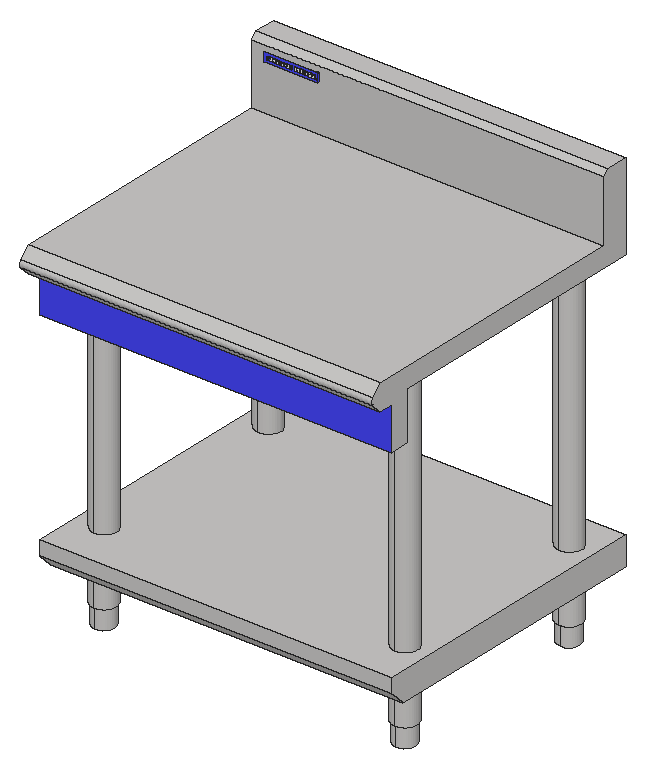
Revit family "QF_MOFFAT_BLUESEAL_CE_B90-LS", category Specialty Equipment, Revit 2012
Parameters
  Weight in Pounds = 154  # constant formula
  Width [instance] = 900.00 mm  # constant formula
  URL Cutsheet = "www.moffat.com"
  URL = "www.moffat.com"
  Type Mark [instance] = ""
  Status [instance] = ""
  Specification by User [instance] = ""
  Specification by Manufacturer = ""
  Show Logo [instance] = yes
  Show Casters [instance] = no
  Serial Number = ""
  Seismic Rating = ""
  SMACNA No = ""
  Revision Code [instance] = ""
  Omniclass Number and Title = ""
  NAFEM Spec ID Number = ""
  Model = "B90-LS"
  Masterspec = ""
  Manufacturer = "MOFFAT BLUESEAL"
  Legs [instance] = not(Show Casters)  # yes
  Item Number [instance] = ""
  Installed By [instance] = ""
  Identify Quantity as Lot [instance] = yes
  Height = 1085.00 mm  # constant formula
  Furnished By [instance] = ""
  Foodservice Equipment Identifier [instance] = yes
  Description = "900MM BENCH TOP ON LEG STAND"
  Depth [instance] = 812.00 mm  # constant formula
  CSI MasterFormat = ""
  CSI Master Format = ""
  Back Splash [instance] = 57.00 mm  # constant formula
Reference planes
  plane 1 "BACK": y = 0
  plane 2: z = 0
  plane 3 "LEFT": x = 0
  plane 4 "RIGHT": x = 900
  plane 5 "FRONT": y = -812
  plane 6 "TOP": z = 972
  plane 7 "Center Y": x = 450
  plane 8 "Center X": y = -406
  plane 9 "Base Height": z = 150
  plane 10: z = 915
  plane 11: x = 65
  plane 12: y = -625
  plane 13: y = -100
  plane 14: z = 1085
  plane 15: x = 835
Forms (mm)
  Extrusion 1, solid, material "QF_Finishes_Stainless Steel"
    sketch origin (0, 0, 0) x (0, 1, 0) y (0, 0, 1)
      loop
        line (-70, 1072.5) -> (-70, 915) -> (-783.97, 915) -> (-808.485, 890.485)
        arc (-808.485, 890.485) -> (-811.999, 882) -> (-808.485, 873.515) r 12
        line (-808.485, 873.515) -> (-784.97, 850) -> (-749, 850) -> (-749, 740) -> (-699, 740) -> (-699, 864.5) -> (0, 864.5) -> (0, 1085.5) -> (-57, 1085.5) -> (-70, 1072.5)
      loop
        line (0, 222.5) -> (-749, 222.5) -> (-749, 186) -> (-713, 150) -> (0, 150) -> (0, 222.5)
    from 0 to 900
  Revolve 2, solid, material "QF_Finishes_Stainless Steel"
    sketch origin (65, -728, 0) x (0, 1, 0) y (0, 0, 1)
      loop
        line (71.25, 864.5) -> (71.25, 50) -> (75.5, 50) -> (75.5, 0) -> (103, 0) -> (103, 864.5) -> (71.25, 864.5)
      axis (103, 864.5) -> (103, 0)
    angle from 0 to 360
  Revolve 3, solid, material "QF_Finishes_Stainless Steel", visible <- "Show Casters"
    sketch origin (15.776, -99.755, -13.653) x (1, 0, 0) y (0, 0, 1)
      loop
        line (14.841, 63.604) -> (83.584, 63.604) -> (83.584, 67.109) -> (82.314, 68.379) -> (80.79, 68.379) -> (80.79, 71.826) -> (68.644, 71.826) -> (68.644, 81.79) -> (65.088, 83.843) -> (63.738, 92.179) -> (65.881, 92.179) -> (65.881, 98.529) -> (65.088, 98.529) -> (65.088, 104.879)
        arc (65.088, 104.879) -> (62.298, 111.614) -> (55.563, 114.404) r 9.525
        line (55.563, 114.404) -> (42.863, 114.404)
        arc (42.863, 114.404) -> (36.127, 111.614) -> (33.338, 104.879) r 9.525
        line (33.338, 104.879) -> (33.338, 98.529) -> (32.544, 98.529) -> (32.544, 92.179) -> (34.687, 92.179) -> (33.352, 83.932) -> (29.782, 81.871) -> (29.782, 71.826) -> (17.635, 71.826) -> (17.635, 68.379) -> (16.111, 68.379) -> (14.841, 67.109) -> (14.841, 63.604)
      axis (14.841, 63.604) -> (83.584, 63.604)
    angle from 0 to 360
  Extrusion 4, solid, material "QF_Finishes_Stainless Steel", visible <- "Show Casters"
    sketch origin (71.501, 133.353, -8.783) x (0, 1, 0) y (0, 0, 1)
      loop
        line (-201.603, 118.783) -> (-265.103, 118.783) -> (-252.746, 53.895)
        arc (-252.746, 53.895) -> (-233.353, 38.783) -> (-213.959, 53.895) r 20
        line (-213.959, 53.895) -> (-201.603, 118.783)
    from -35.667 to 22.923
  Revolve 5, solid, material "QF_Finishes_Stainless Steel", visible <- "Show Casters"
    sketch origin (65, -203, 0) x (0, 1, 0) y (0, 0, 1)
      loop
        line (67.25, 150) -> (67.25, 110) -> (103, 110) -> (103, 150) -> (67.25, 150)
      axis (103, 150) -> (103, 110)
    angle from 0 to 360
  Revolve 6, solid, material "QF_Finishes_Stainless Steel", visible <- "Legs"
    sketch origin (65, -165, 0) x (0, 1, 0) y (0, 0, 1)
      loop
        line (33.25, 150) -> (33.25, 50) -> (37.5, 50) -> (37.5, 0) -> (65, 0) -> (65, 150) -> (33.25, 150)
      axis (65, 150) -> (65, 0)
    angle from 0 to 360
  Revolve 7, solid, material "QF_Finishes_Stainless Steel"
    sketch origin (65, -203, 150) x (0, 1, 0) y (0, 0, 1)
      loop
        line (71.25, 714.5) -> (71.25, 50) -> (75.5, 50) -> (75.5, 0) -> (103, 0) -> (103, 714.5) -> (71.25, 714.5)
      axis (103, 714.5) -> (103, 0)
    angle from 0 to 360
  Revolve 8, solid, material "QF_Finishes_Stainless Steel"
    sketch origin (835, -728, 0) x (0, 1, 0) y (0, 0, 1)
      loop
        line (71.25, 864.5) -> (71.25, 50) -> (75.5, 50) -> (75.5, 0) -> (103, 0) -> (103, 864.5) -> (71.25, 864.5)
      axis (103, 864.5) -> (103, 0)
    angle from 0 to 360
  Revolve 9, solid, material "QF_Finishes_Stainless Steel", visible <- "Show Casters"
    sketch origin (785.776, -99.755, -13.653) x (1, 0, 0) y (0, 0, 1)
      loop
        line (14.841, 63.604) -> (83.584, 63.604) -> (83.584, 67.109) -> (82.314, 68.379) -> (80.79, 68.379) -> (80.79, 71.826) -> (68.644, 71.826) -> (68.644, 81.79) -> (65.088, 83.843) -> (63.738, 92.179) -> (65.881, 92.179) -> (65.881, 98.529) -> (65.088, 98.529) -> (65.088, 104.879)
        arc (65.088, 104.879) -> (62.298, 111.614) -> (55.563, 114.404) r 9.525
        line (55.563, 114.404) -> (42.863, 114.404)
        arc (42.863, 114.404) -> (36.127, 111.614) -> (33.338, 104.879) r 9.525
        line (33.338, 104.879) -> (33.338, 98.529) -> (32.544, 98.529) -> (32.544, 92.179) -> (34.687, 92.179) -> (33.352, 83.932) -> (29.782, 81.871) -> (29.782, 71.826) -> (17.635, 71.826) -> (17.635, 68.379) -> (16.111, 68.379) -> (14.841, 67.109) -> (14.841, 63.604)
      axis (14.841, 63.604) -> (83.584, 63.604)
    angle from 0 to 360
  Extrusion 10, solid, material "QF_Finishes_Stainless Steel", visible <- "Show Casters"
    sketch origin (841.501, 133.353, -8.783) x (0, 1, 0) y (0, 0, 1)
      loop
        line (-201.603, 118.783) -> (-265.103, 118.783) -> (-252.746, 53.895)
        arc (-252.746, 53.895) -> (-233.353, 38.783) -> (-213.959, 53.895) r 20
        line (-213.959, 53.895) -> (-201.603, 118.783)
    from -35.667 to 22.923
  Revolve 11, solid, material "QF_Finishes_Stainless Steel", visible <- "Show Casters"
    sketch origin (835, -203, 0) x (0, 1, 0) y (0, 0, 1)
      loop
        line (67.25, 150) -> (67.25, 110) -> (103, 110) -> (103, 150) -> (67.25, 150)
      axis (103, 150) -> (103, 110)
    angle from 0 to 360
  Revolve 12, solid, material "QF_Finishes_Stainless Steel", visible <- "Legs"
    sketch origin (835, -165, 0) x (0, 1, 0) y (0, 0, 1)
      loop
        line (33.25, 150) -> (33.25, 50) -> (37.5, 50) -> (37.5, 0) -> (65, 0) -> (65, 150) -> (33.25, 150)
      axis (65, 150) -> (65, 0)
    angle from 0 to 360
  Revolve 13, solid, material "QF_Finishes_Stainless Steel"
    sketch origin (835, -203, 150) x (0, 1, 0) y (0, 0, 1)
      loop
        line (71.25, 714.5) -> (71.25, 50) -> (75.5, 50) -> (75.5, 0) -> (103, 0) -> (103, 714.5) -> (71.25, 714.5)
      axis (103, 714.5) -> (103, 0)
    angle from 0 to 360
Lines and regions (mm)
  Split face 1
    outline origin (375, 0, 1085.5) x (-1, 0, 0) y (0, -1, 0)
      loop
        arc (342.206, 18.385) -> (350.866, 23.385) -> (350.866, 33.385) r 10
        line (350.866, 33.385) -> (346.824, 40.385)
        arc (346.824, 40.385) -> (343.164, 44.045) -> (338.164, 45.385) r 10
        line (338.164, 45.385) -> (110.206, 45.385)
        arc (110.206, 45.385) -> (101.545, 40.385) -> (101.545, 30.385) r 10
        line (101.545, 30.385) -> (105.587, 23.385)
        arc (105.587, 23.385) -> (109.247, 19.725) -> (114.247, 18.385) r 10
        line (114.247, 18.385) -> (342.206, 18.385)
  Split face 2
    outline origin (904.484, 0, 1085.5) x (-1, 0, 0) y (0, -1, 0)
      loop
        arc (271.69, 18.385) -> (280.35, 23.385) -> (280.35, 33.385) r 10
        line (280.35, 33.385) -> (276.309, 40.385)
        arc (276.309, 40.385) -> (272.649, 44.045) -> (267.649, 45.385) r 10
        line (267.649, 45.385) -> (39.69, 45.385)
        arc (39.69, 45.385) -> (31.03, 40.385) -> (31.03, 30.385) r 10
        line (31.03, 30.385) -> (35.071, 23.385)
        arc (35.071, 23.385) -> (38.731, 19.725) -> (43.731, 18.385) r 10
        line (43.731, 18.385) -> (271.69, 18.385)
  Split face 3
    outline origin (604.484, 0, 1085.5) x (-1, 0, 0) y (0, -1, 0)
      loop
        arc (271.69, 18.385) -> (280.35, 23.385) -> (280.35, 33.385) r 10
        line (280.35, 33.385) -> (276.309, 40.385)
        arc (276.309, 40.385) -> (272.649, 44.045) -> (267.649, 45.385) r 10
        line (267.649, 45.385) -> (39.69, 45.385)
        arc (39.69, 45.385) -> (31.03, 40.385) -> (31.03, 30.385) r 10
        line (31.03, 30.385) -> (35.071, 23.385)
        arc (35.071, 23.385) -> (38.731, 19.725) -> (43.731, 18.385) r 10
        line (43.731, 18.385) -> (271.69, 18.385)
  symbolic lines
    curve 1: line (0, 0, 0) -> (0, -812, 0)
    curve 2: line (900, 0, 0) -> (0, 0, 0)
    curve 3: line (900, -812, 0) -> (900, 0, 0)
    curve 4: line (0, -70, 0) -> (900, -70, 0)
    curve 5: line (0, -812, 0) -> (900, -812, 0)
    curve 14: line (36.836, -45.385, 0) -> (264.794, -45.385, 0)
    curve 15: arc (264.794, -45.385, 0) -> (273.455, -40.385, 0) -> (273.455, -30.385, 0) r 10
    curve 16: line (273.455, -30.385, 0) -> (269.413, -23.385, 0)
    curve 17: arc (269.413, -23.385, 0) -> (265.753, -19.725, 0) -> (260.753, -18.385, 0) r 10
    curve 18: line (260.753, -18.385, 0) -> (32.794, -18.385, 0)
    curve 19: arc (32.794, -18.385, 0) -> (24.134, -23.385, 0) -> (24.134, -33.385, 0) r 10
    curve 20: line (24.134, -33.385, 0) -> (28.176, -40.385, 0)
    curve 21: arc (28.176, -40.385, 0) -> (31.836, -44.045, 0) -> (36.836, -45.385, 0) r 10
    curve 22: line (636.836, -45.385, 0) -> (864.794, -45.385, 0)
    curve 23: arc (864.794, -45.385, 0) -> (873.455, -40.385, 0) -> (873.455, -30.385, 0) r 10
    curve 24: line (873.455, -30.385, 0) -> (869.413, -23.385, 0)
    curve 25: arc (869.413, -23.385, 0) -> (865.753, -19.725, 0) -> (860.753, -18.385, 0) r 10
    curve 26: line (860.753, -18.385, 0) -> (632.794, -18.385, 0)
    curve 27: arc (632.794, -18.385, 0) -> (624.134, -23.385, 0) -> (624.134, -33.385, 0) r 10
    curve 28: line (624.134, -33.385, 0) -> (628.176, -40.385, 0)
    curve 29: arc (628.176, -40.385, 0) -> (631.836, -44.045, 0) -> (636.836, -45.385, 0) r 10
    curve 30: line (336.836, -45.385, 0) -> (564.794, -45.385, 0)
    curve 31: arc (564.794, -45.385, 0) -> (573.455, -40.385, 0) -> (573.455, -30.385, 0) r 10
    curve 32: line (573.455, -30.385, 0) -> (569.413, -23.385, 0)
    curve 33: arc (569.413, -23.385, 0) -> (565.753, -19.725, 0) -> (560.753, -18.385, 0) r 10
    curve 34: line (560.753, -18.385, 0) -> (332.794, -18.385, 0)
    curve 35: arc (332.794, -18.385, 0) -> (324.134, -23.385, 0) -> (324.134, -33.385, 0) r 10
    curve 36: line (324.134, -33.385, 0) -> (328.176, -40.385, 0)
    curve 37: arc (328.176, -40.385, 0) -> (331.836, -44.045, 0) -> (336.836, -45.385, 0) r 10
  symbolic lines, style "SpecialityEquipmentHiddenLines", visible <- "Show Casters"
    curve 6: line (78.456, -47.735, 0) -> (105.952, -63.61, 0)
    curve 7: line (27.656, -135.723, 0) -> (78.456, -47.735, 0)
    curve 8: line (55.152, -151.598, 0) -> (27.656, -135.723, 0)
    curve 9: line (105.952, -63.61, 0) -> (55.152, -151.598, 0)
    curve 10: line (840.793, -47.151, 0) -> (868.289, -63.026, 0)
    curve 11: line (789.993, -135.139, 0) -> (840.793, -47.151, 0)
    curve 12: line (817.489, -151.014, 0) -> (789.993, -135.139, 0)
    curve 13: line (868.289, -63.026, 0) -> (817.489, -151.014, 0)
Dimensions and locks
  equal spacing: plane 3 "LEFT", plane 7 "Center Y", plane 4 "RIGHT"
  "Width": plane 3 "LEFT" to plane 4 "RIGHT"
  equal spacing: plane 5 "FRONT", plane 8 "Center X", plane 1 "BACK"
  "Depth": plane 5 "FRONT" to plane 1 "BACK"
  locked: plane 10 to level at 915
  locked: plane 9 "Base Height" to level at 150
  plane 6 "TOP" to plane 10 = 57.00 mm
  plane 12 to plane 13 = 525.00 mm
  "Height": plane 14 to level
  Revolve 3 sketch curve to Revolve 3 sketch curve = 50.80 mm
  Revolve 9 sketch curve to Revolve 9 sketch curve = 50.80 mm
  aligned and locked: level to plane 2
Automatic sketch dimensions
  plane 1 "BACK" to curve 1 = 0.00 mm
  curve 1 to plane 3 "LEFT" = 0.00 mm
  curve 4 to plane 4 "RIGHT" = 0.00 mm
  plane 5 "FRONT" to curve 3 = 0.00 mm
  plane 3 "LEFT" to curve 20 = 24.134 mm
  plane 3 "LEFT" to curve 8 = 27.656 mm
  curve 19 to curve 20 = 4.041 mm
  curve 19 to curve 19 = 8.66 mm
  curve 19 to curve 21 = 4.041 mm
  curve 8 to plane 11 = 9.848 mm
  plane 11 to curve 7 = 13.456 mm
  plane 1 "BACK" to curve 17 = 18.385 mm
  curve 6 to curve 17 = 154.801 mm
  curve 17 to curve 15 = 4.041 mm
  plane 1 "BACK" to curve 16 = 23.385 mm
  curve 17 to curve 16 = 8.66 mm
  plane 1 "BACK" to curve 16 = 30.385 mm
  curve 16 to curve 16 = 4.041 mm
  curve 16 to curve 35 = 50.679 mm
  curve 35 to curve 37 = 4.041 mm  (x2)
  curve 35 to curve 35 = 8.66 mm
  plane 1 "BACK" to curve 34 = 18.385 mm
  plane 7 "Center Y" to curve 34 = 110.753 mm
  curve 33 to curve 31 = 4.041 mm
  plane 1 "BACK" to curve 32 = 23.385 mm
  curve 33 to curve 32 = 8.66 mm
  plane 1 "BACK" to curve 32 = 30.385 mm
  curve 33 to curve 32 = 4.041 mm
  curve 32 to curve 27 = 50.679 mm
  curve 27 to curve 29 = 4.041 mm
  curve 27 to curve 27 = 8.66 mm
  curve 29 to curve 22 = 8.66 mm
  plane 15 to curve 11 = 45.007 mm
  plane 15 to curve 13 = 17.511 mm
  curve 10 to plane 15 = 5.793 mm
  curve 25 to plane 15 = 25.753 mm
  curve 25 to curve 22 = 4.041 mm
  curve 25 to curve 25 = 8.66 mm
  curve 25 to curve 24 = 4.041 mm
  curve 9 to plane 13 = 51.598 mm
  curve 13 to plane 13 = 51.014 mm
  curve 8 to curve 8 = 15.875 mm
  curve 12 to curve 12 = 15.875 mm
  plane 13 to curve 4 = 30.00 mm
  curve 37 to curve 34 = 27.00 mm
  plane 1 "BACK" to curve 22 = 45.385 mm
  curve 14 to curve 18 = 27.00 mm
  curve 14 to curve 20 = 5.00 mm
  curve 22 to curve 29 = 5.00 mm
  curve 30 to curve 37 = 5.00 mm
  curve 22 to curve 23 = 10.00 mm
  curve 21 to curve 19 = 7.00 mm
  curve 36 to curve 36 = 7.00 mm
  curve 28 to curve 28 = 7.00 mm
  curve 23 to curve 25 = 7.00 mm
  curve 29 to curve 27 = 7.00 mm
  Extrusion 1 sketch curve to plane 10 = 0.00 mm
  Extrusion 1 sketch curve to plane 9 "Base Height" = 0.00 mm
  Extrusion 1 sketch curve to plane 1 "BACK" = 0.00 mm  (x2)
  plane 14 to Extrusion 1 sketch curve = 0.50 mm
  plane 13 to Extrusion 1 sketch curve = 43.00 mm
  Extrusion 1 sketch curve to Extrusion 1 sketch curve = 13.00 mm
  Extrusion 1 sketch curve to plane 12 = 74.00 mm
  Extrusion 1 sketch curve to plane 12 = 88.00 mm
  Extrusion 1 sketch curve to Extrusion 1 sketch curve = 50.00 mm
  Extrusion 1 sketch curve to Extrusion 1 sketch curve = 36.00 mm
  Extrusion 1 sketch curve to plane 5 "FRONT" = 28.03 mm
  Extrusion 1 sketch curve to plane 5 "FRONT" = 27.03 mm
  Extrusion 1 sketch curve to plane 5 "FRONT" = 12.001 mm
  Extrusion 1 sketch curve to plane 5 "FRONT" = 3.515 mm  (x2)
  plane 9 "Base Height" to Extrusion 1 sketch curve = 36.00 mm
  Extrusion 1 sketch curve to Extrusion 1 sketch curve = 36.50 mm
  Extrusion 1 sketch curve to plane 10 = 175.00 mm
  Extrusion 1 sketch curve to plane 10 = 65.00 mm
  Extrusion 1 sketch curve to plane 10 = 50.50 mm
  Extrusion 1 sketch curve to Extrusion 1 sketch curve = 23.515 mm
  Extrusion 1 sketch curve to Extrusion 1 sketch curve = 8.485 mm
  Extrusion 1 sketch curve to plane 14 = 12.50 mm
  Split face 1 sketch curve to Extrusion 1 = 26.615 mm
  Split face 1 sketch curve to Extrusion 1 = 273.455 mm
  Split face 1 sketch curve to Split face 1 sketch curve = 4.041 mm  (x4)
  Split face 1 sketch curve to Split face 1 sketch curve = 8.66 mm  (x2)
  Split face 1 sketch curve to Extrusion 1 = 11.615 mm
  Split face 1 sketch curve to Extrusion 1 = 36.836 mm
  Split face 1 sketch curve to Split face 1 sketch curve = 7.00 mm  (x3)
  Split face 1 sketch curve to Split face 1 sketch curve = 17.00 mm
  Split face 2 sketch curve to Extrusion 1 = 26.545 mm
  Split face 2 sketch curve to Split face 2 sketch curve = 4.041 mm  (x4)
  Split face 2 sketch curve to Split face 2 sketch curve = 8.66 mm  (x2)
  Split face 2 sketch curve to Extrusion 1 = 11.615 mm
  Split face 2 sketch curve to Split face 2 sketch curve = 223.917 mm
  Split face 2 sketch curve to Split face 2 sketch curve = 5.00 mm
  Split face 2 sketch curve to Split face 2 sketch curve = 10.00 mm
  Split face 2 sketch curve to Split face 2 sketch curve = 7.00 mm  (x3)
  Split face 3 sketch curve to Extrusion 1 = 26.615 mm
  Split face 3 sketch curve to Extrusion 1 = 326.545 mm
  Split face 3 sketch curve to Split face 3 sketch curve = 4.041 mm  (x4)
  Split face 3 sketch curve to Split face 3 sketch curve = 8.66 mm  (x2)
  Split face 3 sketch curve to Extrusion 1 = 11.615 mm
  Split face 3 sketch curve to Split face 3 sketch curve = 223.917 mm
  Split face 3 sketch curve to Split face 3 sketch curve = 7.00 mm  (x3)
  Split face 3 sketch curve to Split face 3 sketch curve = 17.00 mm
  Revolve 2 sketch curve to level = 0.00 mm
  Revolve 2 sketch curve to plane 12 = 0.00 mm  (x2)
  Revolve 2 sketch curve to plane 12 = 27.50 mm
  Revolve 2 sketch curve to Revolve 2 sketch curve = 31.75 mm
  Revolve 2 sketch curve to Revolve 2 sketch curve = 55.00 mm
  level to Revolve 2 sketch curve = 50.00 mm
  Revolve 2 sketch curve to Revolve 2 sketch curve = 0.00 mm
  Revolve 2 sketch curve to plane 10 = 50.50 mm
  plane 3 "LEFT" to Revolve 3 sketch curve = 30.618 mm
  Revolve 3 sketch curve to Revolve 3 sketch curve = 1.27 mm  (x4)
  Revolve 3 sketch curve to Revolve 3 sketch curve = 1.524 mm  (x2)
  Revolve 3 sketch curve to Revolve 3 sketch curve = 12.146 mm  (x2)
  Revolve 3 sketch curve to plane 11 = 16.68 mm
  Revolve 3 sketch curve to Revolve 3 sketch curve = 0.794 mm  (x2)
  Revolve 3 sketch curve to Revolve 3 sketch curve = 3.57 mm
  Revolve 3 sketch curve to Revolve 3 sketch curve = 2.143 mm
  Revolve 3 sketch curve to plane 11 = 6.361 mm
  plane 11 to Revolve 3 sketch curve = 5.13 mm
  plane 11 to Revolve 3 sketch curve = 6.339 mm
  plane 11 to Revolve 3 sketch curve = 14.515 mm
  Revolve 3 sketch curve to Revolve 3 sketch curve = 1.349 mm  (x2)
  Revolve 3 sketch curve to Revolve 3 sketch curve = 3.556 mm
  Revolve 3 sketch curve to Revolve 3 sketch curve = 33.32 mm
  level to Revolve 3 sketch curve = 49.952 mm
  Revolve 3 sketch curve to Revolve 3 sketch curve = 0.00 mm
  Revolve 3 sketch curve to Revolve 3 sketch curve = 3.505 mm  (x2)
  Revolve 3 sketch curve to Revolve 3 sketch curve = 3.447 mm  (x2)
  Revolve 3 sketch curve to Revolve 3 sketch curve = 9.964 mm
  Revolve 3 sketch curve to Revolve 3 sketch curve = 10.045 mm
  Revolve 3 sketch curve to Revolve 3 sketch curve = 2.053 mm
  Revolve 3 sketch curve to Revolve 3 sketch curve = 2.061 mm
  Revolve 3 sketch curve to Revolve 3 sketch curve = 8.247 mm
  Revolve 3 sketch curve to Revolve 3 sketch curve = 8.336 mm
  Revolve 3 sketch curve to Revolve 3 sketch curve = 6.35 mm  (x2)
  Extrusion 4 sketch curve to plane 13 = 0.00 mm
  Extrusion 4 sketch curve to plane 13 = 19.393 mm
  Extrusion 4 sketch curve to plane 13 = 31.75 mm
  plane 13 to Extrusion 4 sketch curve = 19.393 mm
  plane 13 to Extrusion 4 sketch curve = 31.75 mm
  level to Extrusion 4 sketch curve = 45.111 mm
  Extrusion 4 sketch curve to Extrusion 4 sketch curve = 4.889 mm
  Extrusion 4 sketch curve to plane 9 "Base Height" = 40.00 mm
  Revolve 5 sketch curve to plane 9 "Base Height" = 0.00 mm
  Revolve 5 sketch curve to plane 13 = 0.00 mm  (x2)
  Revolve 5 sketch curve to plane 13 = 35.75 mm
  Revolve 5 sketch curve to Revolve 5 sketch curve = 40.00 mm
  level to Revolve 5 sketch curve = 50.00 mm
  Revolve 5 sketch curve to level = 55.00 mm
  Revolve 6 sketch curve to plane 9 "Base Height" = 0.00 mm
  Revolve 6 sketch curve to level = 0.00 mm
  Revolve 6 sketch curve to plane 13 = 0.00 mm  (x2)
  Revolve 6 sketch curve to Revolve 6 sketch curve = 27.50 mm
  Revolve 6 sketch curve to Revolve 6 sketch curve = 31.75 mm
  Revolve 6 sketch curve to level = 55.00 mm
  Revolve 6 sketch curve to Revolve 6 sketch curve = 50.00 mm
  Revolve 6 sketch curve to Revolve 6 sketch curve = 0.00 mm
  Revolve 7 sketch curve to plane 9 "Base Height" = 0.00 mm
  Revolve 7 sketch curve to plane 13 = 0.00 mm  (x2)
  Revolve 7 sketch curve to plane 13 = 27.50 mm
  Revolve 7 sketch curve to Revolve 7 sketch curve = 31.75 mm
  Revolve 7 sketch curve to Revolve 7 sketch curve = 55.00 mm
  plane 9 "Base Height" to Revolve 7 sketch curve = 50.00 mm
  Revolve 7 sketch curve to Revolve 7 sketch curve = 0.00 mm
  Revolve 7 sketch curve to plane 10 = 50.50 mm
  Revolve 8 sketch curve to level = 0.00 mm
  Revolve 8 sketch curve to plane 12 = 0.00 mm  (x2)
  Revolve 8 sketch curve to plane 12 = 27.50 mm
  Revolve 8 sketch curve to Revolve 8 sketch curve = 31.75 mm
  Revolve 8 sketch curve to Revolve 8 sketch curve = 55.00 mm
  level to Revolve 8 sketch curve = 50.00 mm
  Revolve 8 sketch curve to Revolve 8 sketch curve = 0.00 mm
  Revolve 8 sketch curve to plane 10 = 50.50 mm
  plane 15 to Revolve 9 sketch curve = 34.382 mm
  Revolve 9 sketch curve to Revolve 9 sketch curve = 1.27 mm  (x4)
  Revolve 9 sketch curve to Revolve 9 sketch curve = 1.524 mm  (x2)
  Revolve 9 sketch curve to Revolve 9 sketch curve = 12.146 mm  (x2)
  plane 15 to Revolve 9 sketch curve = 16.68 mm
  Revolve 9 sketch curve to Revolve 9 sketch curve = 0.794 mm  (x2)
  Revolve 9 sketch curve to Revolve 9 sketch curve = 3.57 mm
  Revolve 9 sketch curve to Revolve 9 sketch curve = 2.143 mm
  plane 15 to Revolve 9 sketch curve = 6.361 mm
  Revolve 9 sketch curve to plane 15 = 5.13 mm
  Revolve 9 sketch curve to plane 15 = 6.339 mm
  Revolve 9 sketch curve to plane 15 = 14.515 mm
  Revolve 9 sketch curve to Revolve 9 sketch curve = 1.349 mm  (x2)
  Revolve 9 sketch curve to Revolve 9 sketch curve = 3.556 mm
  Revolve 9 sketch curve to plane 4 "RIGHT" = 2.68 mm
  level to Revolve 9 sketch curve = 49.952 mm
  Revolve 9 sketch curve to Revolve 9 sketch curve = 0.00 mm
  Revolve 9 sketch curve to Revolve 9 sketch curve = 3.505 mm  (x2)
  Revolve 9 sketch curve to Revolve 9 sketch curve = 3.447 mm  (x2)
  Revolve 9 sketch curve to Revolve 9 sketch curve = 9.964 mm
  Revolve 9 sketch curve to Revolve 9 sketch curve = 10.045 mm
  Revolve 9 sketch curve to Revolve 9 sketch curve = 2.053 mm
  Revolve 9 sketch curve to Revolve 9 sketch curve = 2.061 mm
  Revolve 9 sketch curve to Revolve 9 sketch curve = 8.247 mm
  Revolve 9 sketch curve to Revolve 9 sketch curve = 8.336 mm
  Revolve 9 sketch curve to Revolve 9 sketch curve = 6.35 mm  (x2)
  Extrusion 10 sketch curve to plane 13 = 0.00 mm
  Extrusion 10 sketch curve to plane 13 = 19.393 mm
  Extrusion 10 sketch curve to plane 13 = 31.75 mm
  plane 13 to Extrusion 10 sketch curve = 19.393 mm
  plane 13 to Extrusion 10 sketch curve = 31.75 mm
  level to Extrusion 10 sketch curve = 45.111 mm
  Extrusion 10 sketch curve to Extrusion 10 sketch curve = 4.889 mm
  Extrusion 10 sketch curve to plane 9 "Base Height" = 40.00 mm
  Revolve 11 sketch curve to plane 9 "Base Height" = 0.00 mm
  Revolve 11 sketch curve to plane 13 = 0.00 mm  (x2)
  Revolve 11 sketch curve to plane 13 = 35.75 mm
  Revolve 11 sketch curve to Revolve 11 sketch curve = 40.00 mm
  level to Revolve 11 sketch curve = 50.00 mm
  Revolve 11 sketch curve to level = 55.00 mm
  Revolve 12 sketch curve to plane 9 "Base Height" = 0.00 mm
  Revolve 12 sketch curve to level = 0.00 mm
  Revolve 12 sketch curve to plane 13 = 0.00 mm  (x2)
  Revolve 12 sketch curve to Revolve 12 sketch curve = 27.50 mm
  Revolve 12 sketch curve to Revolve 12 sketch curve = 31.75 mm
  Revolve 12 sketch curve to level = 55.00 mm
  Revolve 12 sketch curve to Revolve 12 sketch curve = 50.00 mm
  Revolve 12 sketch curve to Revolve 12 sketch curve = 0.00 mm
  Revolve 13 sketch curve to plane 9 "Base Height" = 0.00 mm
  Revolve 13 sketch curve to plane 13 = 0.00 mm  (x2)
  Revolve 13 sketch curve to plane 13 = 27.50 mm
  Revolve 13 sketch curve to Revolve 13 sketch curve = 31.75 mm
  Revolve 13 sketch curve to Revolve 13 sketch curve = 55.00 mm
  plane 9 "Base Height" to Revolve 13 sketch curve = 50.00 mm
  Revolve 13 sketch curve to Revolve 13 sketch curve = 0.00 mm
  Revolve 13 sketch curve to plane 10 = 50.50 mm
Nested families
  nested 1: "WALDORF LOGO_FACE BASE" at (32.128, -70, 1056.422) x (1, 0, 0) z (0, -1, 0), visible <- "Show Logo", type "WALDORF LOGO_FACE BASE", detail levels medium+fine
    with Show Logo yes
Definition of nested family "WALDORF LOGO_FACE BASE"
  Parameters (values of type "WALDORF LOGO_FACE BASE")
    Show Logo [instance] = yes
    Default Elevation = 1219.20 mm
  Reference planes
    plane 1 "Center (Front/Back)": y = 0
    plane 2: z = 0
    plane 3 "Center (Left/Right)": x = 0
  Forms (mm)
    Extrusion 1, solid
      sketch origin (0, 0, 0) x (1, 0, 0) y (0, 1, 0)
        loop
          line (-1219.2, 1219.2) -> (-1219.2, -1219.2) -> (1219.2, -1219.2) -> (1219.2, 1219.2) -> (-1219.2, 1219.2)
      from 0 to -304.8
    Extrusion 2, solid, material "QF_Finishes_Blue", visible <- "Show Logo"
      sketch origin (0, -33.217, 0) x (1, 0, 0) y (0, 1, 0)
        loop
          arc (138, 31.942) -> (137.626, 32.844) -> (136.724, 33.217) r 1.276
          line (136.724, 33.217) -> (1.29, 33.217)
          arc (1.29, 33.217) -> (0.378, 32.839) -> (0, 31.927) r 1.29
          line (0, 31.927) -> (0, 11.507)
          arc (0, 11.507) -> (0.378, 10.595) -> (1.29, 10.217) r 1.29
          line (1.29, 10.217) -> (136.71, 10.217)
          arc (136.71, 10.217) -> (137.622, 10.595) -> (138, 11.507) r 1.29
          line (138, 11.507) -> (138, 31.942)
      from 0 to 1.588
    Extrusion 3, solid, material "QF_Finishes_White", visible <- "Show Logo"
      sketch origin (0, -33.217, 1.588) x (1, 0, 0) y (0, 1, 0)
        loop
          arc (108.946, 25.919) -> (107.613, 25.367) -> (107.061, 24.034) r 1.885
          line (107.061, 24.034) -> (107.061, 17.211) -> (112.704, 17.211) -> (112.704, 19.129) -> (115.546, 19.129) -> (115.546, 17.211) -> (121.584, 17.211) -> (121.584, 24.075)
          arc (121.584, 24.075) -> (121.043, 25.379) -> (119.739, 25.919) r 1.845
          line (119.739, 25.919) -> (108.946, 25.919)
        loop
          line (123.478, 25.919) -> (123.478, 17.163) -> (134.904, 17.163) -> (134.904, 19.129) -> (129.246, 19.129) -> (129.246, 25.919) -> (123.478, 25.919)
        loop
          line (112.704, 21.258) -> (115.546, 21.258) -> (115.546, 22.702)
          arc (115.546, 22.702) -> (115.344, 23.188) -> (114.858, 23.389) r 0.687
          line (114.858, 23.389) -> (113.363, 23.389)
          arc (113.363, 23.389) -> (112.897, 23.196) -> (112.704, 22.73) r 0.658
          line (112.704, 22.73) -> (112.704, 21.258)
        loop
          line (105.071, 25.919) -> (93.771, 25.919) -> (93.771, 17.163) -> (105.071, 17.163) -> (105.071, 19.063) -> (99.535, 19.063) -> (99.535, 20.437) -> (105.071, 20.437) -> (105.071, 22.278) -> (99.535, 22.278) -> (99.535, 23.587) -> (105.071, 23.587) -> (105.071, 25.919)
        loop
          line (91.104, 25.919) -> (79.541, 25.919)
          arc (79.541, 25.919) -> (78.558, 25.513) -> (78.152, 24.53) r 1.389
          line (78.152, 24.53) -> (78.152, 22.08)
          arc (78.152, 22.08) -> (78.558, 21.098) -> (79.541, 20.691) r 1.389
          line (79.541, 20.691) -> (86.346, 20.691) -> (86.346, 18.864) -> (83.266, 18.864) -> (83.266, 19.664) -> (78.152, 19.664) -> (78.152, 18.553)
          arc (78.152, 18.553) -> (78.558, 17.57) -> (79.541, 17.163) r 1.389
          line (79.541, 17.163) -> (91.063, 17.163)
          arc (91.063, 17.163) -> (92.045, 17.57) -> (92.452, 18.553) r 1.389
          line (92.452, 18.553) -> (92.452, 20.691)
          arc (92.452, 20.691) -> (92.045, 21.673) -> (91.063, 22.08) r 1.389
          line (91.063, 22.08) -> (83.266, 22.08) -> (83.266, 23.984) -> (86.346, 23.984) -> (86.346, 22.743) -> (92.452, 22.743) -> (92.452, 24.571)
          arc (92.452, 24.571) -> (92.057, 25.524) -> (91.104, 25.919) r 1.348
        loop
          line (70.705, 25.919) -> (59.405, 25.919) -> (59.405, 17.163) -> (70.705, 17.163) -> (70.705, 19.063) -> (65.169, 19.063) -> (65.169, 20.437) -> (70.705, 20.437) -> (70.705, 22.278) -> (65.169, 22.278) -> (65.169, 23.587) -> (70.705, 23.587) -> (70.705, 25.919)
        loop
          line (57.598, 25.919) -> (51.7, 25.919) -> (51.7, 20.18)
          arc (51.7, 20.18) -> (50.63, 19.11) -> (49.56, 20.18) r 1.07
          line (49.56, 20.18) -> (49.56, 25.919) -> (43.663, 25.919) -> (43.663, 19.049)
          arc (43.663, 19.049) -> (44.215, 17.716) -> (45.548, 17.163) r 1.885
          line (45.548, 17.163) -> (55.71, 17.163)
          arc (55.71, 17.163) -> (57.045, 17.716) -> (57.598, 19.051) r 1.887
          line (57.598, 19.051) -> (57.598, 25.919)
        loop
          line (31.62, 25.919) -> (31.62, 17.163) -> (43.046, 17.163) -> (43.046, 19.129) -> (37.388, 19.129) -> (37.388, 25.919) -> (31.62, 25.919)
        loop
          line (15.969, 25.919) -> (15.969, 17.163) -> (28.693, 17.163)
          arc (28.693, 17.163) -> (29.812, 17.627) -> (30.276, 18.746) r 1.582
          line (30.276, 18.746) -> (30.276, 20.447) -> (29.48, 21.243) -> (30.276, 22.039) -> (30.276, 24.332)
          arc (30.276, 24.332) -> (29.811, 25.454) -> (28.688, 25.919) r 1.587
          line (28.688, 25.919) -> (15.969, 25.919)
        loop
          line (21.449, 24.159) -> (21.449, 22.436) -> (23.862, 22.436)
          arc (23.862, 22.436) -> (24.723, 23.298) -> (23.862, 24.159) r 0.861
          line (23.862, 24.159) -> (21.449, 24.159)
        loop
          line (21.449, 20.244) -> (21.449, 18.522) -> (23.862, 18.522)
          arc (23.862, 18.522) -> (24.723, 19.383) -> (23.862, 20.244) r 0.861
          line (23.862, 20.244) -> (21.449, 20.244)
      from 0 to 0.2
    Extrusion 4, solid, material "QF_Finishes_Blue", visible <- "Show Logo"
      sketch origin (-126.498, -31.09, 1.588) x (1, 0, 0) y (0, 1, 0)
        loop
          line (136.738, 23.522) -> (136.738, 15.1)
          arc (136.738, 15.1) -> (140.756, 19.311) -> (136.738, 23.522) r 4.216
      from 0 to 0.2
    Extrusion 5, solid, material "QF_Finishes_Red", visible <- "Show Logo"
      sketch origin (146.849, -31.09, 1.588) x (-1, 0, 0) y (0, -1, 0)
        loop
          arc (136.738, -23.522) -> (140.756, -19.311) -> (136.738, -15.1) r 4.216
          line (136.738, -15.1) -> (136.738, -23.522)
      from 0 to 0.2
  Lines and regions (mm)
    Split face 1
      outline origin (-90.35, -30.793, 1.588) x (1, 0, 0) y (0, 1, 0)
        loop
          circle (100.54, 19.013) r 4.536
  Dimensions and locks
    aligned and locked: plane 2 to Extrusion 1
    aligned and locked: level to Extrusion 1
